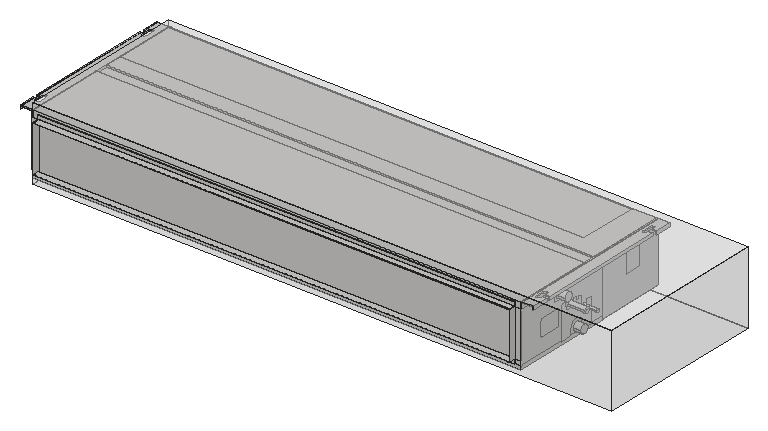
Revit family "outputfile", category 機械設備, Revit 2024
Family settings
  丸型コネクタ寸法 = 半径を使用
  パーツ タイプ = 標準
  OmniClass 番号 = 23.75.10.24.21.27.27
  OmniClass タイトル = Split System Air Conditioning Units
  作業面ベース = いいえ
  常に垂直 = はい
  ロード時にボイドで切り取り = いいえ
  注釈の向きを維持 = いいえ
  共有 = いいえ
  部屋計算ポイント = はい
Parameters (values of type "FPDQ80APV1")
  Description = ""
  書き出し IFC クラス(タイプ) = "IfcUnitaryEquipmentType"
  定義済み IFC タイプ(タイプ) = "AIRCONDITIONINGUNIT"
  Cost = 0
  Type Comments = ""
  Keynote = ""
  Type Image = (empty or 0)
  Assembly Code = ""
  w_RA Duct Size = RA Duct Size Width + 30.0 mm  # 1529.0 mm
  r_HP/LP Gas Pipe Size = 6.35 mm
  lw_HP/LP Gas Pipe Size = 60.0 mm  # constant formula
  lh_HP/LP Gas Pipe Size = -120.0 mm
  ld_HP/LP Gas Pipe Size = 131.0 mm
  製造元 = "Daikin"
  モデル = "FPDQ80APV1"
  w_pipe = 33.0 mm
  r_Liquid Pipe Size = Liquid Pipe Size / 2  # 4.75 mm
  r_Gas Pipe Size = Gas Pipe Size / 2  # 7.95 mm
  r_Drain Pipe Size = Drain Pipe Size / 2  # 13.0 mm
  lw_powersupply = 304.0 mm
  lh_suctionflange [instance] = if(Rear Connection_Return Air, 100.0 mm + [h***], 190.0 mm + [h***])  # 100.0 mm
  ld_suctionflange [instance] = if(Rear Connection_Return Air, 190.0 mm, 100.0 mm)  # 190.0 mm
  ld_powersupply = 60.0 mm
  angle_vertical_RA [instance] = if(Rear Connection_Return Air, 90.00°, 0.00°)  # 90.00°
  angle horizontal_RA [instance] = if(Rear Connection_Return Air, 180.00°, 270.00°)  # 180.00°
  Voltage_comment_50Hz = "220 - 240"
  Voltage_50Hz = 230 V
  URL = ""
  Supply Air Direction [instance] = yes
  Sound Power Level_H speed (dB) = 0
  Rear Connection_Return Air [instance] = not(Bottom Connection_Return Air)  # yes
  RA_length = 190.0 mm  # constant formula
  Phase_50Hz = 1
  Minimum External Static Pressure = 20.00 Pa
  Minimum Circuit Amps_50Hz = 0.7 A
  Maximum Fuse Amps_50Hz = 16.0 A
  Maximum External Static Pressure = 40.00 Pa
  Material_Casing = DAIKIN_GalvanizedSteel_Casing_indoorunit
  lw_liquidpipe = 49.0 mm  # constant formula
  lw_gaspipe = 59.0 mm  # constant formula
  lw_mountinghole_pitch = Width + 40.0 mm  # 1650.0 mm
  lw_mountinghole = 20.0 mm  # constant formula
  lw_drainpipe = 32.0 mm  # constant formula
  lh_powersupply = 21.5 mm
  lh_liquidpipe = 80.0 mm
  lh_gaspipe = 109.0 mm
  lh_mountinghole = Height + [h***]  # 200.0 mm
  lh_drainpipe = 43.0 mm
  lh_antena = 1.0 mm  # constant formula
  ld_liquidpipe = 255.0 mm  # constant formula
  ld_gaspipe = 198.0 mm  # constant formula
  ld_mountinghole_pitch = 500.0 mm  # constant formula
  ld_drainpipe = 405.0 mm  # constant formula
  ld_controlbox = 626.0 mm  # constant formula
  h*** = 0.0 mm  # constant formula
  d_dischargeflange = 22.2 mm  # constant formula
  Width = 1610.0 mm
  Version = "ver.1.0"
  Unit Type = "Compact Ceiling Mounted Duct Type"
  Unit Mass Weight = 37.00 kg
  Unit Designation [instance] = ""
  Uniclass2015Version = "Products v1.30"
  Uniclass2015Title = "Variable refrigerant flow units"
  Uniclass2015Code = "Pr_70_65_03_94"
  Total Cooling Capacity [instance] = 0.000 kW
  Sound Pressure Level_M speed (dBA) = 34
  Sound Pressure Level_L speed (dBA) = 32
  Sound Pressure Level_H speed (dBA) = 36
  Series = "VRV HOME_Fan Coil Unit"
  Sensible Cooling Capacity [instance] = 0.000 kW
  SA Duct Size Width = 1570.0 mm
  SA Duct Size Height = 153.0 mm
  Refrigerant Type = "R410A"
  RA Duct Size Width = 1499.0 mm
  RA Duct Size Height = 170.0 mm
  Power Input (Cooling) = 0.140 kW
  Option Accessory 3 [instance] = ""
  Option Accessory 2 [instance] = ""
  Option Accessory 1 [instance] = ""
  Nominal Cooling Capacity = 9.000 kW
  Minimum Airflow = 960.00 m³/h
  Median Airflow = 1200.00 m³/h
  Maximum Airflow = 1440.00 m³/h
  Load Classification = HVAC
  Liquid Pipe Size = 9.5 mm
  Link_Nested Family [instance] = ""
  IfcVersion = ""
  IfcExportType = "AIRCONDITIONINGUNIT"
  IfcExportAs = "IfcUnitaryEquipmentType"
  Height = 200.0 mm
  Heat Exchanger Type = "Cross Fin Coil"
  Gas Pipe Size = 15.9 mm
  Frequency_50Hz = 50 Hz
  Fan Type = "Sirocco Fan"
  Fan Drive = "Direct Drive"
  FCU Tag No. [instance] = ""
  Drain Pipe Size = 26.0 mm
  Design Supply Airflow [instance] = 0.00 m³/h
  Design Return Airflow [instance] = 0.00 m³/h
  Design External Static Pressure [instance] = 0.00 Pa
  Depth = 560.0 mm
  既定の高さ = 0.0 mm
  Cooling Entering Wet Bulb Temperature [instance] = 0.00 °C
  Cooling Entering Dry Bulb Temperature [instance] = 0.00 °C
  Cooling Ambient Wet Bulb Temperature [instance] = 0.00 °C
  Cooling Ambient Dry Bulb Temperature [instance] = 0.00 °C
  Clearance visibility [instance] = yes
  Clearance Top = 20.0 mm
  Clearance Right = 300.0 mm
  Clearance Rear = 0.0 mm
  Clearance Left = 0.0 mm
  Clearance Front = 0.0 mm
  Clearance Bottom = 20.0 mm
  Bottom Connection_Return Air [instance] = no
Reference planes
  plane 1 "Center (Front/Back)": y = 0
  plane 2: z = 0
  plane 3 "Center (Left/Right)": x = 0
  plane 4 "Back": y = 280
  plane 5 "Front": y = -280
  plane 6 "Left": x = -805
  plane 7 "Right": x = 805
  plane 8 "Top": z = 0
  plane 9 "Bottom": z = -200
  plane 10: x = 330
  plane 11: x = -330
  plane 12: z = -178.5
  plane 13: z = -6
  plane 14: z = -22
  plane 15: z = -120
  plane 16: z = -91
  plane 17: x = -304
  plane 18: x = 304
  plane 19: x = -825
  plane 20: x = 825
  plane 21: y = -280
  plane 22: y = 220
  plane 23: x = -845
  plane 24: x = 390
  plane 25: x = 854
  plane 26: x = 864
  plane 27: x = 837
  plane 28: z = 0
  plane 29: z = -157
  plane 30 "Clearance Left": x = -805
  plane 31 "Clearance Right": x = 1105
  plane 32 "Clearance Rear": y = 280
  plane 33 "Clearance Front": y = -280
  plane 34 "Clearance Top": z = 20
  plane 35 "Clearance Bottom": z = -220
  plane 36: z = -21
  plane 37: z = -43
  plane 38: z = -96.5
  plane 39: x = -40.5
  plane 40: y = -82
  plane 41: y = -25
  plane 42: y = -30
  plane 43: y = -125
  plane 44: z = -97.5
  plane 45: y = -279
  plane 46: x = -804
  plane 47: z = -88.5
  plane 48: z = -30
  plane 49: y = 210
  plane 50: z = 301
  plane 51: z = -199
  plane 52: y = 90
  plane 53: z = -101
  plane 54: x = 835
  plane 55: z = 11
  plane 56: z = 102.5
  plane 57: y = -149
  plane 58: y = -220
Forms (mm)
  Extrusion 1, solid, material "DAIKIN_GalvanizedSteel_Casing_indoorunit" <- "Material_Casing"
    sketch origin (0, 0, 0) x (1, 0, 0) y (0, 1, 0)
      loop
        line (-805, -280) -> (805, -280) -> (805, 280) -> (-805, 280) -> (-805, -280)
    from -200 to 0
  Extrusion 2, void
    sketch origin (0, 0, 1) x (1, 0, 0) y (0, 1, 0)
      loop
        line (-805, -19) -> (805, -19) -> (805, 24) -> (-805, 24) -> (-805, -19)
    from -1 to -7
  Revolve 3, solid, material "DAIKIN_GalvanizedSteel_Casing_indoorunit" <- "Material_Casing"
    sketch origin (0, 0, -91) x (0, -1, 0) y (1, 0, 0)
      loop
        line (74.05, 805) -> (82, 805) -> (82, 864) -> (74.05, 864) -> (74.05, 805)
      axis (82, 805) -> (82, 864)
    angle from 0 to 360
  Revolve 4, solid, material "DAIKIN_GalvanizedSteel_Casing_indoorunit" <- "Material_Casing"
    sketch origin (0, 0, -120) x (0, -1, 0) y (1, 0, 0)
      loop
        line (25, 805) -> (25, 854) -> (20.25, 854) -> (20.25, 805) -> (25, 805)
      axis (25, 854) -> (25, 805)
    angle from 0 to 360
  Extrusion 5, solid, material "DAIKIN_GalvanizedSteel_Casing_indoorunit" <- "Material_Casing"
    sketch origin (805, 0, 0) x (0, 1, 0) y (0, 0, 1)
      loop
        circle (-125, -43) r 13
    from 0 to 32 <- "lw_drainpipe"
  Extrusion 6, solid, material "DAIKIN_GalvanizedSteel_Casing_indoorunit" <- "Material_Casing"
    sketch origin (0, 0, 0) x (1, 0, 0) y (0, 0, 1)
      loop
        line (-805, -190) -> (-805, -200) -> (805, -200) -> (805, -190) -> (-805, -190)
    from -55 to 280
  Extrusion 7, solid, material "DAIKIN_GalvanizedSteel_Casing_indoorunit" <- "Material_Casing", visible <- "Bottom Connection_Return Air"
    sketch origin (0, 280, 0) x (-1, 0, 0) y (0, 0, 1)
      loop
        line (-723, -200) -> (804, -200) -> (804, -1) -> (-723, -1) -> (-723, -200)
    from -1 to 0
  Extrusion 8, void
    sketch origin (0, 280, 0) x (-1, 0, 0) y (0, 0, 1)
      loop
        line (-723, 0) -> (-723, -1) -> (804, -1) -> (804, 0) -> (-723, 0)
    from 0 to -200
  Extrusion 9, solid, material "DAIKIN_GalvanizedSteel_Casing_indoorunit" <- "Material_Casing", visible <- "Rear Connection_Return Air"
    sketch origin (0, 0, 0) x (1, 0, 0) y (0, 1, 0)
      loop
        line (-804, 280) -> (-804, 80) -> (723, 80) -> (723, 280) -> (-804, 280)
    from -200 to -199
  Extrusion 10, solid, material "DAIKIN_GalvanizedSteel_Casing_indoorunit" <- "Material_Casing"
    sketch origin (805, 0, 0) x (0, 1, 0) y (0, 0, 1)
      loop
        line (280, -21.933) -> (55, -21.933) -> (55, -197.5) -> (280, -197.5) -> (280, -21.933)
    from 1 to 0
  Extrusion 11, void
    sketch origin (805, 0, 0) x (0, 1, 0) y (0, 0, 1)
      loop
        arc (-108.988, -64) -> (-105.461, -62.539) -> (-104, -59.012) r 4.988
        line (-104, -59.012) -> (-104, -26.988)
        arc (-104, -26.988) -> (-105.461, -23.461) -> (-108.988, -22) r 4.988
        line (-108.988, -22) -> (-141.012, -22)
        arc (-141.012, -22) -> (-144.539, -23.461) -> (-146, -26.988) r 4.988
        line (-146, -26.988) -> (-146, -59.012)
        arc (-146, -59.012) -> (-144.539, -62.539) -> (-141.012, -64) r 4.988
        line (-141.012, -64) -> (-108.988, -64)
    from 0 to -1
  Extrusion 12, solid, material "DAIKIN_GalvanizedSteel_Casing_indoorunit" <- "Material_Casing"
    sketch origin (805, 0, 0) x (0, 1, 0) y (0, 0, 1)
      loop
        circle (-55, -170) r 13
    from 28 to 0
  Extrusion 13, solid, material "DAIKIN_GalvanizedSteel_Casing_indoorunit" <- "Material_Casing"
    sketch origin (805, 0, 0) x (0, 1, 0) y (0, 0, 1)
      loop
        line (-199.354, -90) -> (-199.354, -136)
        arc (-199.354, -136) -> (-198.475, -138.121) -> (-196.354, -139) r 3
        line (-196.354, -139) -> (-132.354, -139)
        arc (-132.354, -139) -> (-130.233, -138.121) -> (-129.354, -136) r 3
        line (-129.354, -136) -> (-129.354, -90)
        arc (-129.354, -90) -> (-130.233, -87.879) -> (-132.354, -87) r 3
        line (-132.354, -87) -> (-196.354, -87)
        arc (-196.354, -87) -> (-198.475, -87.879) -> (-199.354, -90) r 3
      loop
        line (152, -37) -> (152, -107) -> (204, -107) -> (204, -37) -> (152, -37)
      loop
        line (-37.5, -120) -> (-37.5, -90)
        arc (-37.5, -90) -> (-38.086, -88.586) -> (-39.5, -88) r 2
        line (-39.5, -88) -> (-41.5, -88)
        arc (-41.5, -88) -> (-42.914, -88.586) -> (-43.5, -90) r 2
        line (-43.5, -90) -> (-43.5, -94) -> (-55.5, -94) -> (-55.5, -86)
        arc (-55.5, -86) -> (-56.086, -84.586) -> (-57.5, -84) r 2
        line (-57.5, -84) -> (-62, -84)
        arc (-62, -84) -> (-63.414, -84.586) -> (-64, -86) r 2
        line (-64, -86) -> (-64, -91)
        arc (-64, -91) -> (-82, -109) -> (-100, -91) r 18
        line (-100, -91) -> (-100, -83)
        arc (-100, -83) -> (-100.586, -81.586) -> (-102, -81) r 2
        line (-102, -81) -> (-112.5, -81)
        arc (-112.5, -81) -> (-113.914, -81.586) -> (-114.5, -83) r 2
        line (-114.5, -83) -> (-114.5, -190) -> (-79.5, -190) -> (-79.5, -170)
        arc (-79.5, -170) -> (-55, -145.5) -> (-30.5, -170) r 24.5
        line (-30.5, -170) -> (-30.5, -190) -> (5.5, -190) -> (5.5, -112)
        arc (5.5, -112) -> (4.914, -110.586) -> (3.5, -110) r 2
        line (3.5, -110) -> (-9.5, -110)
        arc (-9.5, -110) -> (-10.914, -110.586) -> (-11.5, -112) r 2
        line (-11.5, -112) -> (-11.5, -120)
        arc (-11.5, -120) -> (-24.5, -133) -> (-37.5, -120) r 13
    from 0 to 1
  Extrusion 14, solid, material "DAIKIN_GalvanizedSteel_Casing_indoorunit" <- "Material_Casing"
    sketch origin (-805, 0, 0) x (0, 1, 0) y (0, 0, 1)
      loop
        circle (160, -102) r 21
    from 0 to -7
  Extrusion 15, solid, material "DAIKIN_GalvanizedSteel_Casing_indoorunit" <- "Material_Casing"
    sketch origin (-805, 0, 0) x (0, 1, 0) y (0, 0, 1)
      loop
        circle (160, -102) r 17.5
    from 0 to -8.5
  Extrusion 16, solid, material "DAIKIN_GalvanizedSteel_Casing_indoorunit" <- "Material_Casing"
    sketch origin (-805, 0, 0) x (0, 1, 0) y (0, 0, 1)
      loop
        circle (160, -102) r 7
    from 0 to -20.5
Cuts and joins
  Extrusion 2, Extrusion 8, Extrusion 11 cuts Extrusion 1
  Extrusion 8 cuts Extrusion 6
  joined: Extrusion 14, Extrusion 15, Extrusion 16
Dimensions and locks
  "lh_powersupply": plane 12 to plane 9 "Bottom"
  locked: plane 8 "Top" to plane 13 at 6
  "Height": plane 8 "Top" to plane 9 "Bottom"
  equal spacing: plane 17, plane 3 "Center (Left/Right)", plane 18, locked at 304 each
  plane 17 to plane 18 = 608.0 mm
  equal spacing: plane 19, plane 3 "Center (Left/Right)", plane 20
  "lw_mountinghole_pitch": plane 19 to plane 20
  locked: plane 14 to plane 9 "Bottom" at 178
  "lw_mountinghole": plane 23 to plane 19
  "lh_liquidpipe": plane 15 to plane 9 "Bottom"
  "lh_gaspipe": plane 16 to plane 9 "Bottom"
  "lh_mountinghole": plane 28 to plane 9 "Bottom"
  "ld_mountinghole_pitch": plane 22 to plane 21
  equal spacing: plane 6 "Left", plane 3 "Center (Left/Right)", plane 7 "Right"
  "Width": plane 6 "Left" to plane 7 "Right"
  "lh_drainpipe": plane 29 to plane 9 "Bottom"
  "Clearance Right": plane 7 "Right" to plane 31 "Clearance Right"
  "Clearance Left": plane 30 "Clearance Left" to plane 6 "Left"
  "lw_gaspipe": plane 7 "Right" to plane 26
  "lw_liquidpipe": plane 7 "Right" to plane 25
  "lw_drainpipe": plane 7 "Right" to plane 27
  "Clearance Rear": plane 32 "Clearance Rear" to plane 4 "Back"
  "Clearance Front": plane 5 "Front" to plane 33 "Clearance Front"
  "Clearance Top": plane 34 "Clearance Top" to plane 8 "Top"
  "Clearance Bottom": plane 9 "Bottom" to plane 35 "Clearance Bottom"
  "lw_powersupply": plane 3 "Center (Left/Right)" to plane 18
  locked: plane 8 "Top" to plane 36 at 21
  "lh_drainpipe": plane 8 "Top" to plane 37
  locked: plane 38 to plane 9 "Bottom" at 103.5
  locked: plane 36 to plane 44 at 76.5
  "Depth": plane 4 "Back" to plane 5 "Front"
  equal spacing: plane 4 "Back", plane 1 "Center (Front/Back)", plane 5 "Front"
  locked: plane 45 to plane 5 "Front" at 1
  locked: plane 46 to plane 6 "Left" at 1
  Extrusion 7 sketch curve to Extrusion 7 sketch curve = 199.0 mm
  nested 12 to plane 39 = 749.5 mm
  locked: plane 12 to plane 47 at 90
  plane 32 "Clearance Rear" to Extrusion 7 = 0.0 mm
  locked: plane 48 to plane 35 "Clearance Bottom" at 190
  plane 50 to plane 28 = 301.0 mm
  locked: plane 51 to plane 9 "Bottom" at 1
  "ld_suctionflange": plane 4 "Back" to plane 52
  locked: plane 53 to plane 9 "Bottom" at 99
  locked: plane 54 to plane 7 "Right" at 30
  "r_Gas Pipe Size": Revolve 3 sketch curve to Revolve 3 sketch curve
  "ld_gaspipe": plane 40 to plane 5 "Front"
  "r_Liquid Pipe Size": Revolve 4 sketch curve to plane 41
  "ld_liquidpipe": plane 41 to plane 5 "Front"
  "ld_drainpipe": plane 4 "Back" to plane 43
  "ld_HP/LP Gas Pipe Size": plane 57 to plane 5 "Front"
  plane 8 "Top" to plane 15 = 120.0 mm
  locked: nested 11 to plane 7 "Right" at 61.7
  locked: plane 4 "Back" to nested 11 at 49.2
  locked: plane 7 "Right" to Extrusion 8 sketch curve at 82
  locked: plane 7 "Right" to Extrusion 7 sketch curve at 82
  locked: plane 4 "Back" to plane 22 at 60
  locked: plane 58 to plane 5 "Front" at 60
  locked: plane 4 "Back" to nested 13 at 1
  locked: plane 4 "Back" to Extrusion 2 sketch curve at 256
  locked: Extrusion 2 sketch curve to Extrusion 2 sketch curve at 43
  "lw_gaspipe": plane 7 "Right" to Revolve 3 sketch curve
  "lw_liquidpipe": plane 7 "Right" to Revolve 4 sketch curve
  plane 4 "Back" to Extrusion 14 sketch curve = 120.0 mm
  plane 8 "Top" to Extrusion 14 sketch curve = 102.0 mm
  locked: plane 4 "Back" to Extrusion 15 sketch curve at 120
  locked: plane 8 "Top" to Extrusion 15 sketch curve at 102
  plane 4 "Back" to Extrusion 16 sketch curve = 120.0 mm
  plane 8 "Top" to Extrusion 16 sketch curve = 102.0 mm
  plane 8 "Top" to Extrusion 11 sketch curve = 22.0 mm
  locked: Extrusion 10 sketch curve to Extrusion 10 sketch curve at 175.567
  plane 8 "Top" to Extrusion 13 sketch curve to Extrusion 13 sketch curve = 37.0 mm locked, 70.0 mm locked
  Extrusion 13 sketch curve to Extrusion 13 sketch curve to plane 4 "Back" = 52.0 mm locked, 76.0 mm locked
  locked: Extrusion 10 sketch curve to plane 4 "Back" at 225
  "ld_gaspipe": Revolve 3 sketch curve to plane 5 "Front"
  "r_Drain Pipe Size": radius of Extrusion 5 sketch curve
  aligned and locked: level to plane 2
  aligned and locked: Extrusion 1 to plane 9 "Bottom"
  aligned and locked: plane 8 "Top" to Extrusion 1
  aligned and locked: Revolve 3 sketch curve to Revolve 3 sketch curve
  aligned and locked: plane 25 to nested 6
  aligned and locked: nested 6 to plane 15
  aligned and locked: plane 22 to nested 2
  aligned and locked: plane 20 to nested 2
  aligned and locked: plane 20 to nested 3
  aligned and locked: plane 19 to nested 4
  aligned and locked: nested 5 to plane 22
  aligned and locked: plane 19 to nested 5
  aligned and locked: plane 8 "Top" to nested 1
  aligned and locked: Extrusion 6 to plane 5 "Front"
  aligned and locked: Extrusion 6 to plane 9 "Bottom"
  aligned and locked: nested 7 to plane 16
  aligned and locked: plane 4 "Back" to nested 1
  aligned and locked: plane 40 to nested 7
  aligned and locked: plane 41 to nested 6
  aligned and locked: nested 12 to plane 46
  aligned and locked: plane 4 "Back" to Extrusion 8
  aligned and locked: plane 8 "Top" to Extrusion 2
  aligned and locked: Extrusion 7 to cut or joined group of Extrusion 1, Extrusion 2, Extrusion 8, Extrusion 11
  aligned and locked: plane 9 "Bottom" to Extrusion 9  (x2)
  aligned and locked: Extrusion 9 to plane 51
  aligned and locked: plane 4 "Back" to nested 12
  aligned and locked: Extrusion 8 to level
  aligned and locked: plane 32 "Clearance Rear" to nested 14
  aligned and locked: plane 31 "Clearance Right" to nested 14
  aligned and locked: plane 30 "Clearance Left" to nested 14
  aligned and locked: nested 14 to plane 33 "Clearance Front"
  aligned and locked: nested 14 to plane 34 "Clearance Top"
  aligned and locked: nested 14 to plane 35 "Clearance Bottom"
  aligned and locked: plane 7 "Right" to Extrusion 10
  aligned and locked: Extrusion 2 to plane 13
  aligned and locked: nested 8 to plane 37
  aligned and locked: nested 10 to plane 1 "Center (Front/Back)"
  aligned and locked: plane 46 to Extrusion 7
  aligned and locked: nested 12 to plane 51
  aligned and locked: plane 3 "Center (Left/Right)" to nested 10
  aligned and locked: nested 16 to plane 13
  aligned and locked: plane 44 to nested 9
  aligned and locked: level to plane 8 "Top"
  aligned and locked: plane 3 "Center (Left/Right)" to nested 1
  aligned and locked: Extrusion 1 sketch curve to plane 5 "Front"
  aligned and locked: plane 3 "Center (Left/Right)" to nested 16
  aligned and locked: plane 5 "Front" to nested 16
  aligned and locked: nested 9 to plane 5 "Front"
  aligned and locked: plane 41 to Revolve 4 sketch curve  (x2)
  aligned and locked: plane 7 "Right" to nested 7
  aligned and locked: Extrusion 9 sketch curve to cut or joined group of Extrusion 1, Extrusion 2, Extrusion 8, Extrusion 11
  aligned and locked: plane 46 to nested 13
  aligned and locked: plane 7 "Right" to nested 8
  aligned and locked: plane 43 to nested 8
  aligned and locked: cut or joined group of Extrusion 1, Extrusion 2, Extrusion 8, Extrusion 11 to Extrusion 9 sketch curve
  aligned and locked: nested 4 to plane 58
  aligned and locked: plane 58 to nested 3
  aligned and locked: plane 39 to nested 15
  aligned and locked: nested 15 to plane 52
  aligned and locked: plane 7 "Right" to Revolve 3 sketch curve
  aligned and locked: plane 7 "Right" to Revolve 4 sketch curve
  aligned and locked: Extrusion 6 sketch curve to plane 9 "Bottom"
  aligned and locked: Extrusion 5 sketch curve to plane 43
  aligned and locked: plane 4 "Back" to Extrusion 10 sketch curve
Automatic sketch dimensions
  Extrusion 1 sketch curve to plane 4 "Back" = 0.0 mm
  Extrusion 1 sketch curve to plane 6 "Left" = 0.0 mm
  Extrusion 1 sketch curve to plane 7 "Right" = 0.0 mm
  Extrusion 2 sketch curve to plane 6 "Left" = 0.0 mm
  Extrusion 2 sketch curve to plane 7 "Right" = 0.0 mm
  Revolve 3 sketch curve to plane 39 = 57.997 mm
  plane 25 to Revolve 3 sketch curve = 1.003 mm
  Revolve 4 sketch curve to plane 25 = 0.0 mm
  Revolve 4 sketch curve to Revolve 4 sketch curve = 1.0 mm
  Extrusion 6 sketch curve to plane 6 "Left" = 0.0 mm
  Extrusion 6 sketch curve to plane 7 "Right" = 0.0 mm
  Extrusion 9 sketch curve to plane 46 = 0.0 mm
  Extrusion 9 sketch curve to plane 4 "Back" = 0.0 mm
  plane 1 "Center (Front/Back)" to Extrusion 11 sketch curve = 146.0 mm
  plane 1 "Center (Front/Back)" to Extrusion 11 sketch curve = 141.012 mm
  Extrusion 11 sketch curve to Extrusion 11 sketch curve = 4.988 mm  (x2)
  plane 43 to Extrusion 11 sketch curve = 16.012 mm  (x2)
  plane 16 to Extrusion 11 sketch curve = 31.988 mm
  plane 43 to Extrusion 12 sketch curve = 70.0 mm
  plane 12 to Extrusion 12 sketch curve = 8.5 mm
  Extrusion 5 sketch curve to plane 37 = 0.0 mm
  Extrusion 7 sketch curve to plane 9 "Bottom" = 0.0 mm
  Extrusion 7 sketch curve to plane 46 = 0.0 mm
  Extrusion 8 sketch curve to level = 0.0 mm
  Extrusion 8 sketch curve to plane 46 = 0.0 mm
  Extrusion 8 sketch curve to level = 1.0 mm
  Extrusion 13 sketch curve to plane 47 = 1.5 mm  (x2)
  plane 58 to Extrusion 13 sketch curve = 20.646 mm
  Extrusion 13 sketch curve to Extrusion 13 sketch curve = 3.0 mm  (x2)
  plane 57 to Extrusion 13 sketch curve = 16.646 mm  (x2)
  plane 29 to Extrusion 13 sketch curve = 21.0 mm
  Extrusion 13 sketch curve to plane 16 = 0.0 mm
  Extrusion 13 sketch curve to plane 40 = 0.0 mm
  plane 43 to Extrusion 13 sketch curve = 10.5 mm
  Extrusion 13 sketch curve to Extrusion 13 sketch curve = 2.0 mm  (x8)
  Extrusion 13 sketch curve to Extrusion 13 sketch curve = 10.5 mm
  Extrusion 13 sketch curve to Extrusion 13 sketch curve = 4.5 mm
  plane 38 to Extrusion 13 sketch curve = 2.5 mm
  plane 47 to Extrusion 13 sketch curve = 0.5 mm
  plane 16 to Extrusion 13 sketch curve = 1.0 mm
  plane 47 to Extrusion 13 sketch curve = 2.5 mm
  plane 47 to Extrusion 13 sketch curve = 5.5 mm
  plane 15 to Extrusion 13 sketch curve = 0.0 mm
  plane 41 to Extrusion 13 sketch curve = 0.5 mm
  Extrusion 13 sketch curve to plane 1 "Center (Front/Back)" = 3.5 mm
  plane 15 to Extrusion 13 sketch curve = 8.0 mm
  Extrusion 13 sketch curve to plane 42 = 7.5 mm
  plane 40 to Extrusion 13 sketch curve = 2.5 mm
  plane 12 to Extrusion 13 sketch curve = 8.5 mm
  Extrusion 13 sketch curve to Extrusion 13 sketch curve = 24.5 mm
  plane 51 to Extrusion 13 sketch curve = 9.0 mm  (x2)
  plane 51 to Extrusion 6 sketch curve = 9.0 mm
  plane 14 to Extrusion 10 sketch curve = 0.067 mm
  radius of Extrusion 12 sketch curve = 13.0 mm
  radius of Extrusion 14 sketch curve = 21.0 mm
  radius of Extrusion 15 sketch curve = 17.5 mm
  radius of Extrusion 16 sketch curve = 7.0 mm
Nested families
  nested 1: "daikin_hangerfixture_FPDQ-APV1" at (0, 0, 0), type "daikin_hangerfixture_FPDQ-APV1"
  nested 2: "daikin_mountinghole" at (825, 220, -200), l_antenna <- "lh_antena", Link_Nested Family <- "Link_Nested Family", h_mountinghole <- "lh_mountinghole", type "daikin_mountinghole"
    with show yes, l_antenna 1.0 mm, h_mountinghole 200.0 mm, Link_Nested Family ""
  nested 3: "daikin_mountinghole" at (825, -220, -200), Link_Nested Family <- "Link_Nested Family", l_antenna <- "lh_antena", h_mountinghole <- "lh_mountinghole", type "daikin_mountinghole"
    with show yes, l_antenna 1.0 mm, h_mountinghole 200.0 mm, Link_Nested Family ""
  nested 4: "daikin_mountinghole" at (-825, -220, -200), l_antenna <- "lh_antena", Link_Nested Family <- "Link_Nested Family", h_mountinghole <- "lh_mountinghole", type "daikin_mountinghole"
    with show yes, l_antenna 1.0 mm, h_mountinghole 200.0 mm, Link_Nested Family ""
  nested 5: "daikin_mountinghole" at (-825, 220, -200), l_antenna <- "lh_antena", Link_Nested Family <- "Link_Nested Family", h_mountinghole <- "lh_mountinghole", type "daikin_mountinghole"
    with show yes, l_antenna 1.0 mm, h_mountinghole 200.0 mm, Link_Nested Family ""
  nested 6: "daikin_connector_rotate2" at (805, -25, -120) x (0, 1, 0) z (0, 0, 1), length <- "lw_liquidpipe", built-in parameter 1001364 <- "lh_liquidpipe", radius <- "r_Liquid Pipe Size", type "daikin_connector_rotate2"
    with radius 4.75 mm, length 49.0 mm, angle_vertical 90.00°
  nested 7: "daikin_connector_rotate2" at (805, -82, -91) x (0, 1, 0) z (0, 0, 1), length <- "lw_gaspipe", built-in parameter 1001364 <- "lh_gaspipe", radius <- "r_Gas Pipe Size", type "daikin_connector_rotate2"
    with radius 7.95 mm, length 59.0 mm, angle_vertical 90.00°
  nested 8: "daikin_connector_rotate2" at (805, -125, -43) x (0, 1, 0) z (0, 0, 1), built-in parameter 1001364 <- "lh_drainpipe", radius <- "r_Drain Pipe Size", length <- "lw_drainpipe", type "daikin_connector_rotate2"
    with radius 13.0 mm, length 32.0 mm, angle_vertical 90.00°
  nested 9: "daikin_connector_rotate2" at (0, -280, -97.5), length <- "d_dischargeflange", type "daikin_connector_rotate2"
    with radius 10.0 mm, length 22.2 mm, angle_vertical 90.00°
  nested 10: "daikin_△_symbolicline" at (-75, -129.904, 200) x (-0.5, 0.866, 0) z (0, 0, 1), built-in parameter 1001364 <- "Height", visible <- "Supply Air Direction", type "daikin_△_symbolicline"
    with length 300.0 mm
  nested 11: "daikin_connector_rotate2" at (743.3, 230.8, -178.5) x (-1, 0, 0) z (0, 0, 1), type "daikin_connector_rotate2"
    with radius 10.0 mm, length 49.2 mm, angle_vertical 90.00°
  nested 12: "daikin_ductflange_FPDQ-APV1_2" at (-40.5, 280, -100), material <- "Material_Casing", visible <- "Rear Connection_Return Air", width <- "w_RA Duct Size", height <- "RA Duct Size Height", type "daikin_ductflange_FPDQ-APV1_2"
    with width 1529.0 mm, material DAIKIN_GalvanizedSteel_Casing_indoorunit, height 170.0 mm, depth 21.2 mm
  nested 13: "daikin_ductflange_FPDQ-APV1_2" at (-40.5, 180, -200) x (1, 0, 0) z (0, 1, 0), material <- "Material_Casing", visible <- "Bottom Connection_Return Air", width <- "w_RA Duct Size", height <- "RA Duct Size Height", type "daikin_ductflange_FPDQ-APV1_2"
    with width 1529.0 mm, material DAIKIN_GalvanizedSteel_Casing_indoorunit, height 170.0 mm, depth 21.2 mm
  nested 14: "daikin_clearancespace" at (150, 0, -99.881), visible <- "Clearance visibility", show <- "Clearance visibility", Link_Nested Family <- "Link_Nested Family", type "daikin_clearancespace"
    with width 1910.0 mm, show yes, height 240.0 mm, depth 560.0 mm, Link_Nested Family ""
  nested 15: "daikin_connector_rotate3" at (-40.5, 90, -100), built-in parameter 1001364 <- "lh_suctionflange", angle_vertical <- "angle_vertical_RA", angle_horizontal <- "angle horizontal_RA", length <- "RA_length", type "daikin_connector_rotate3"
    with show no, radius 10.0 mm, length 190.0 mm, angle_vertical 90.00°, angle_horizontal 180.00°
  nested 16: "daikin_ductflange_FPDQ-APV1_1" at (0, 33.5, -364.201), width <- "SA Duct Size Width", type "daikin_ductflange_FPDQ-APV1_1"
    with width 1570.0 mm, material DAIKIN_GalvanizedSteel_Casing_indoorunit, height 155.0 mm, depth 22.2 mm
Connectors
  piping at (864, -82, -91), diameter 15.9, driven by "r_Gas Pipe Size"
    settings: on nested 7, index 1, connector inside diameter 609.6 mm, connector length 0.0 mm, flow factor 0, pipe flow 0.00 m³/h, pressure drop 0.0 Pa, fitting loss kfactor 0, connector angle 0.00°, fixture units 0, engagement length 0.0 mm, angle of deflection 0.00°, flow configuration 1, flow direction 2, fitting loss method 0, system type 29, joint type 0, gender type 0, connector reference index -1, connector utility 0, adjustable connector no, is connector primary yes, connector description "Refrigerant Gas Piping"
  piping at (854, -25, -120), diameter 9.5, driven by "r_Liquid Pipe Size"
    settings: on nested 6, index 2, connector inside diameter 609.6 mm, connector length 0.0 mm, flow factor 0, pipe flow 0.00 m³/h, pressure drop 0.0 Pa, fitting loss kfactor 0, connector angle 0.00°, fixture units 0, engagement length 0.0 mm, angle of deflection 0.00°, flow configuration 1, flow direction 1, fitting loss method 0, system type 29, joint type 0, gender type 0, connector reference index -1, connector utility 0, adjustable connector no, is connector primary no, connector description "Refrigerant Liquid Piping"
  piping at (837, -125, -43), diameter 26, driven by "r_Drain Pipe Size"
    settings: on nested 8, index 3, connector inside diameter 609.6 mm, connector length 0.0 mm, flow factor 0, pipe flow 0.00 m³/h, pressure drop 0.0 Pa, fitting loss kfactor 0, connector angle 0.00°, fixture units 0, engagement length 0.0 mm, angle of deflection 0.00°, flow configuration 1, flow direction 2, fitting loss method 4, system type 16, joint type 0, gender type 0, connector reference index -1, connector utility 0, adjustable connector no, is connector primary no, connector description "Condensate Drain Piping"
  electrical at (743.3, 280, -178.5), driven by "Load Classification"
    settings: on nested 11, index 9, voltage 0 V, apparent load 0 VA, apparent load phase1 0 VA, apparent load phase2 0 VA, apparent load phase3 0 VA, power factor 1, load classification "HVAC", number of poles 1, system type 30, power factor state 1, is connector primary yes, connector utility no, sub classification motor no, connector description "Power Supply"
  hvac at (0, -302.2, -97.5), driven by "SA Duct Size Height", driven by "SA Duct Size Width"
    settings: on nested 9, index 11, duct flow 0.00 m³/h, flow factor 0, pres drop 0.00 Pa, loss coef 0, conn angle 0.00°, conn width 1570.0 mm, conn height 153.0 mm, conn diameter 609.6 mm, duct sys type 1, conn prof type 1, flow config 0, flow direction 2, loss method 4, conn ref index -1, conn util no, is conn primary yes, conn desc "SA Duct"
  hvac at (-40.5, 280, -100), driven by "RA Duct Size Height", driven by "RA Duct Size Width"
    settings: on nested 15, index 12, duct flow 0.00 m³/h, flow factor 0, pres drop 0.00 Pa, loss coef 0, conn angle 0.00°, conn width 1499.0 mm, conn height 170.0 mm, conn diameter 609.6 mm, duct sys type 2, conn prof type 1, flow config 0, flow direction 1, loss method 4, conn ref index -1, conn util no, is conn primary no, conn desc "RA Duct"
  piping at (864, -82, -91), diameter 15.9, driven by "r_Gas Pipe Size"
    settings: on nested 7, index 13, connector inside diameter 609.6 mm, connector length 0.0 mm, flow factor 0, pipe flow 0.00 m³/h, pressure drop 0.0 Pa, fitting loss kfactor 0, connector angle 0.00°, fixture units 0, engagement length 0.0 mm, angle of deflection 0.00°, flow configuration 1, flow direction 2, fitting loss method 0, system type 29, joint type 0, gender type 0, connector reference index -1, connector utility 0, adjustable connector no, is connector primary no, connector description "Refrigerant Gas Piping"
Definition of nested family "daikin_hangerfixture_FPDQ-APV1"
  Parameters (values of type "daikin_hangerfixture_FPDQ-APV1")
    width = 1610.0 mm
    material = none
    height = 65.0 mm
    depth = 560.0 mm
    Default Elevation = 0.0 mm
  Reference planes
    plane 1 "Center (Front/Back)": y = 0
    plane 2: z = 0
    plane 3 "Center (Left/Right)": x = 0
    plane 4: x = 805
    plane 5: y = 280
    plane 6: y = -280
    plane 7: x = -805
  Forms (mm)
    Extrusion 1, void
      sketch origin (0, 0, 0) x (0, 1, 0) y (0, 0, 1)
        loop
          line (280, -30) -> (280, -17.979) -> (52.935, -17.979) -> (40.914, -30) -> (280, -30)
      from 0 to 850
    Extrusion 2, void
      sketch origin (0, 0, 0) x (1, 0, 0) y (0, 1, 0)
        loop
          line (845, -213.5) -> (832, -213.5) -> (832, -207)
          arc (832, -207) -> (825, -200) -> (818, -207) r 7
          line (818, -207) -> (818, -233)
          arc (818, -233) -> (825, -240) -> (832, -233) r 7
          line (832, -233) -> (832, -226.5) -> (845, -226.5) -> (845, -213.5)
        loop
          line (845, 213.5) -> (845, 226.5) -> (832, 226.5) -> (832, 233)
          arc (832, 233) -> (825, 240) -> (818, 233) r 7
          line (818, 233) -> (818, 207)
          arc (818, 207) -> (825, 200) -> (832, 207) r 7
          line (832, 207) -> (832, 213.5) -> (845, 213.5)
      from -254.96 to 618
    Extrusion 3, solid, material <- "material"
      sketch origin (0, 0, 0) x (-1, 0, 0) y (0, 0, -1)
        loop
          line (805, 0) -> (845, 0) -> (845, 10) -> (842.7, 10) -> (842.7, 2.3) -> (807.3, 2.3) -> (807.3, 20) -> (805, 20) -> (805, 0)
      from -280 to 280
    Extrusion 4, void
      sketch origin (0, 0, 0) x (-1, 0, 0) y (0, -1, 0)
        loop
          line (845, 213.5) -> (845, 226.5) -> (832, 226.5) -> (832, 233)
          arc (832, 233) -> (825, 240) -> (818, 233) r 7
          line (818, 233) -> (818, 207)
          arc (818, 207) -> (825, 200) -> (832, 207) r 7
          line (832, 207) -> (832, 213.5) -> (845, 213.5)
        loop
          line (845, -213.5) -> (832, -213.5) -> (832, -207)
          arc (832, -207) -> (825, -200) -> (818, -207) r 7
          line (818, -207) -> (818, -233)
          arc (818, -233) -> (825, -240) -> (832, -233) r 7
          line (832, -233) -> (832, -226.5) -> (845, -226.5) -> (845, -213.5)
      from -254.96 to 618
    Extrusion 5, solid, material <- "material"
      sketch origin (0, 0, 0) x (1, 0, 0) y (0, 0, 1)
        loop
          line (805, 0) -> (805, -20) -> (807.3, -20) -> (807.3, -2.3) -> (842.7, -2.3) -> (842.7, -10) -> (845, -10) -> (845, 0) -> (805, 0)
      from -280 to 280
  Cuts and joins
    Extrusion 4 cuts Extrusion 3
    Extrusion 1, Extrusion 2 cuts Extrusion 5
  Dimensions and locks
    equal spacing: plane 5, plane 1 "Center (Front/Back)", plane 6
    "depth": plane 5 to plane 6
    plane 6 to plane 1 "Center (Front/Back)" to plane 5 = 280.0 mm, 280.0 mm
    equal spacing: plane 7, plane 3 "Center (Left/Right)", plane 4
    "width": plane 7 to plane 4
    locked: Extrusion 4 sketch curve to plane 7 at 13
    plane 7 to Extrusion 3 sketch curve = 40.0 mm
    aligned and locked: level to plane 2
    aligned and locked: plane 5 to cut or joined group of Extrusion 3, Extrusion 4
    aligned and locked: cut or joined group of Extrusion 3, Extrusion 4 to plane 6
    aligned and locked: Extrusion 3 sketch curve to plane 7
    aligned and locked: plane 2 to Extrusion 3 sketch curve
  Automatic sketch dimensions
    Extrusion 1 sketch curve to plane 5 = 0.0 mm
    Extrusion 1 sketch curve to level = 17.979 mm
    Extrusion 1 sketch curve to plane 1 "Center (Front/Back)" = 52.935 mm
    Extrusion 1 sketch curve to Extrusion 1 sketch curve = 12.021 mm  (x2)
    plane 4 to Extrusion 2 sketch curve = 13.0 mm  (x2)
    Extrusion 2 sketch curve to Extrusion 2 sketch curve = 7.0 mm  (x4)
    Extrusion 2 sketch curve to Extrusion 2 sketch curve = 13.0 mm  (x4)
    plane 6 to Extrusion 2 sketch curve = 47.0 mm
    Extrusion 2 sketch curve to Extrusion 2 sketch curve = 6.5 mm  (x4)
    Extrusion 2 sketch curve to plane 5 = 73.0 mm
    Extrusion 3 sketch curve to plane 7 = 2.3 mm
    Extrusion 3 sketch curve to Extrusion 3 sketch curve = 2.3 mm
    Extrusion 3 sketch curve to level = 2.3 mm
    Extrusion 3 sketch curve to Extrusion 3 sketch curve = 7.7 mm
    Extrusion 3 sketch curve to Extrusion 3 sketch curve = 17.7 mm
    Extrusion 4 sketch curve to plane 7 = 13.0 mm
    Extrusion 4 sketch curve to Extrusion 4 sketch curve = 7.0 mm  (x4)
    Extrusion 4 sketch curve to Extrusion 4 sketch curve = 13.0 mm  (x4)
    Extrusion 4 sketch curve to plane 5 = 47.0 mm
    Extrusion 4 sketch curve to Extrusion 4 sketch curve = 6.5 mm  (x4)
    plane 6 to Extrusion 4 sketch curve = 73.0 mm
    Extrusion 5 sketch curve to level = 0.0 mm
    Extrusion 5 sketch curve to plane 4 = 0.0 mm
    plane 4 to Extrusion 5 sketch curve = 2.3 mm
    Extrusion 5 sketch curve to level = 2.3 mm
    Extrusion 5 sketch curve to Extrusion 5 sketch curve = 35.4 mm
    Extrusion 5 sketch curve to Extrusion 5 sketch curve = 2.3 mm
    Extrusion 5 sketch curve to Extrusion 5 sketch curve = 7.7 mm
    Extrusion 5 sketch curve to Extrusion 5 sketch curve = 17.7 mm
Definition of nested family "daikin_ductflange_FPDQ-APV1_2"
  Parameters (values of type "daikin_ductflange_FPRQ-APVM_2")
    width [instance] = 620.0 mm
    material [instance] = none
    height [instance] = 170.0 mm
    depth [instance] = 21.2 mm
    Default Elevation = 0.0 mm
  Reference planes
    plane 1 "Center (Front/Back)": y = 0
    plane 2: z = 0
    plane 3 "Center (Left/Right)": x = 0
    plane 4: y = -313.5
    plane 5: y = -334.7
    plane 6: x = -310
    plane 7: x = 310
    plane 8: z = 85
    plane 9: z = -85
    plane 10: z = 100
    plane 11: z = -100
    plane 12: x = -309
    plane 13: x = 309
  Forms (mm)
    Extrusion 1, solid, material <- "material"
      sketch origin (0, 0, 0) x (1, 0, 0) y (0, 0, 1)
        loop
          line (-295, 85) -> (-295, -85) -> (295, -85) -> (295, 85) -> (-295, 85)
        loop
          line (-309, -99) -> (309, -99) -> (309, 99) -> (-309, 99) -> (-309, -99)
      from 0 to 1
  Dimensions and locks
    plane 4 to plane 1 "Center (Front/Back)" = 313.5 mm
    "depth": plane 5 to plane 4
    equal spacing: plane 7, plane 3 "Center (Left/Right)", plane 6, locked at 310 each
    "width": plane 7 to plane 6
    equal spacing: plane 8, level, plane 9
    "height": plane 8 to plane 9
    equal spacing: plane 10, level, plane 11, locked at 100 each
    locked: plane 10 to plane 11 at 200
    plane 12 to plane 6 = 1.0 mm
    locked: plane 7 to plane 13 at 1
    locked: Extrusion 1 sketch curve to Extrusion 1 sketch curve at 14  (x2)
    locked: plane 10 to Extrusion 1 sketch curve at 1
    locked: Extrusion 1 sketch curve to plane 11 at 1
    aligned and locked: level to plane 2
    aligned and locked: Extrusion 1 sketch curve to plane 8
    aligned and locked: plane 9 to Extrusion 1 sketch curve
  Automatic sketch dimensions
    plane 6 to Extrusion 1 sketch curve = 1.0 mm
    Extrusion 1 sketch curve to plane 7 = 1.0 mm
Definition of nested family "daikin_clearancespace"
  Parameters (values of type "daikin_clearancespace")
    Description = "daikin_clearancespace"
    width [instance] = 1823.963 mm
    show [instance] = yes
    material = none
    height [instance] = 1359.762 mm
    depth [instance] = 880.0 mm
    Default Elevation = 0.0 mm
    Link_Nested Family [instance] = ""
  Reference planes
    plane 1 "Center (Front/Back)": y = 0
    plane 2 "Center (Elevation)": z = -0.119
    plane 3 "Center (Left/Right)": x = 0
    plane 4: y = 440
    plane 5: y = -440
    plane 6 "Right": x = 911.982
    plane 7 "Left": x = -911.982
    plane 8 "Top": z = 679.762
    plane 9 "Bottom": z = -680
  Forms (mm)
    Extrusion 1, solid, material <- "material", visible <- "show"
      sketch origin (0, 0, 0) x (1, 0, 0) y (0, 1, 0)
        loop
          line (-911.982, 440) -> (-911.982, -440) -> (911.982, -440) -> (911.982, 440) -> (-911.982, 440)
      from -680 to 679.762
  Lines and regions (mm)
    symbolic lines, visible <- "show"
      curve 1: line (911.982, 440, 0) -> (-911.982, 440, 0)
      curve 2: line (-911.982, 440, 0) -> (-911.982, -440, 0)
      curve 3: line (-911.982, -440, 0) -> (911.982, -440, 0)
      curve 4: line (911.982, -440, 0) -> (911.982, 440, 0)
      curve 5: line (911.982, 0, 679.762) -> (-911.982, 0, 679.762)
      curve 6: line (911.982, 0, -680) -> (911.982, 0, 679.762)
      curve 7: line (-911.982, 0, -680) -> (911.982, 0, -680)
      curve 8: line (-911.982, 0, 679.762) -> (-911.982, 0, -680)
      curve 9: line (0, 440, 679.762) -> (0, -440, 679.762)
      curve 10: line (0, -440, 679.762) -> (0, -440, -680)
      curve 11: line (0, 440, -680) -> (0, 440, 679.762)
      curve 12: line (0, -440, -680) -> (0, 440, -680)
  Dimensions and locks
    "width": plane 7 "Left" to plane 6 "Right"
    "depth": plane 4 to plane 5
    "height": plane 8 "Top" to plane 9 "Bottom"
    equal spacing: plane 7 "Left", plane 3 "Center (Left/Right)", plane 6 "Right"
    equal spacing: plane 4, plane 1 "Center (Front/Back)", plane 5
    equal spacing: plane 8 "Top", plane 2 "Center (Elevation)", plane 9 "Bottom"
    aligned and locked: level to plane 2 "Center (Elevation)"
    aligned and locked: Extrusion 1 sketch curve to plane 4
    aligned and locked: plane 7 "Left" to Extrusion 1 sketch curve
    aligned and locked: Extrusion 1 sketch curve to plane 5
    aligned and locked: Extrusion 1 sketch curve to plane 6 "Right"
    aligned and locked: plane 8 "Top" to Extrusion 1
    aligned and locked: curve 1 to Extrusion 1
    aligned and locked: curve 2 to Extrusion 1
    aligned and locked: curve 3 to Extrusion 1
    aligned and locked: curve 4 to Extrusion 1
    aligned and locked: curve 5 to Extrusion 1
    aligned and locked: curve 6 to Extrusion 1
    aligned and locked: curve 7 to Extrusion 1
    aligned and locked: curve 8 to Extrusion 1
    aligned and locked: curve 9 to Extrusion 1
    aligned and locked: curve 10 to Extrusion 1
    aligned and locked: curve 11 to Extrusion 1
    aligned and locked: curve 12 to Extrusion 1
    aligned and locked: Extrusion 1 to plane 9 "Bottom"
Definition of nested family "daikin_ductflange_FPDQ-APV1_1"
  Parameters (values of type "daikin_ductflange_FXDQ-PDVT4_1")
    width [instance] = 660.0 mm
    material [instance] = none
    height [instance] = 155.0 mm
    depth [instance] = 22.2 mm
    Default Elevation = 0.0 mm
  Reference planes
    plane 1 "Center (Front/Back)": y = 0
    plane 2: z = 189.201
    plane 3 "Center (Left/Right)": x = 0
    plane 4: y = -313.5
    plane 5: x = -330
    plane 6: x = 330
    plane 7: y = -335.7
    plane 8: z = 344.201
    plane 9: z = 266.701
    plane 10: z = 343.201
    plane 11: z = 190.201
  Forms (mm)
    Extrusion 1, solid, material <- "material"
      sketch origin (0, 0, 189.201) x (1, 0, 0) y (0, 1, 0)
        loop
          line (-330, -335.7) -> (-330, -313.5) -> (-350, -313.5) -> (-350, -314.5) -> (-331, -314.5) -> (-331, -335.7) -> (-330, -335.7)
        loop
          line (330, -335.7) -> (331, -335.7) -> (331, -314.5) -> (350, -314.5) -> (350, -313.5) -> (330, -313.5) -> (330, -335.7)
      from 1 to 154
    Extrusion 2, solid, material <- "material"
      sketch origin (0, 0, 0) x (0, 1, 0) y (0, 0, 1)
        loop
          line (-313.5, 343.201) -> (-313.5, 358.201) -> (-314.5, 358.201) -> (-314.5, 344.201) -> (-335.7, 344.201) -> (-335.7, 343.201) -> (-313.5, 343.201)
        loop
          line (-313.5, 190.201) -> (-335.7, 190.201) -> (-335.7, 189.201) -> (-314.5, 189.201) -> (-314.5, 175.201) -> (-313.5, 175.201) -> (-313.5, 190.201)
      from -330 to 330
  Dimensions and locks
    plane 4 to plane 1 "Center (Front/Back)" = 313.5 mm
    "depth": plane 7 to plane 4
    equal spacing: plane 8, plane 9, level
    "height": plane 8 to level
    equal spacing: plane 6, plane 3 "Center (Left/Right)", plane 5
    "width": plane 6 to plane 5
    locked: plane 8 to plane 10 at 1
    locked: plane 11 to level at 1
    locked: Extrusion 1 to Extrusion 2 sketch curve at 1
    locked: Extrusion 2 sketch curve to Extrusion 1 at 1
    locked: Extrusion 1 sketch curve to Extrusion 1 sketch curve at 1  (x2)
    locked: Extrusion 1 sketch curve to plane 5 at 20
    locked: plane 6 to Extrusion 1 sketch curve at 20
    aligned and locked: level to plane 2
    aligned and locked: plane 4 to Extrusion 1  (x2)
    aligned and locked: plane 5 to Extrusion 1
    aligned and locked: Extrusion 1 to plane 7  (x2)
    aligned and locked: Extrusion 1 to plane 6
    aligned and locked: Extrusion 1 to plane 10
    aligned and locked: Extrusion 1 to plane 11
    aligned and locked: plane 10 to Extrusion 1
    aligned and locked: plane 11 to Extrusion 1
    aligned and locked: Extrusion 2 to plane 5
    aligned and locked: plane 5 to Extrusion 2
    aligned and locked: plane 6 to Extrusion 2
    aligned and locked: Extrusion 2 to plane 6
    aligned and locked: Extrusion 2 to plane 11
    aligned and locked: Extrusion 2 to plane 10
  Automatic sketch dimensions
    Extrusion 1 sketch curve to plane 4 = 0.0 mm  (x2)
    Extrusion 1 sketch curve to plane 7 = 0.0 mm  (x2)
    Extrusion 1 sketch curve to plane 5 = 0.0 mm
    Extrusion 1 sketch curve to plane 5 = 1.0 mm
    plane 6 to Extrusion 1 sketch curve = 1.0 mm
    Extrusion 2 sketch curve to plane 7 = 0.0 mm  (x2)
    Extrusion 2 sketch curve to plane 4 = 0.0 mm  (x2)
    Extrusion 2 sketch curve to plane 11 = 0.0 mm
    Extrusion 2 sketch curve to plane 10 = 0.0 mm
    Extrusion 2 sketch curve to plane 4 = 1.0 mm  (x2)
    Extrusion 2 sketch curve to level = 14.0 mm
    plane 8 to Extrusion 2 sketch curve = 14.0 mm
    Extrusion 1 sketch curve to plane 6 = 0.0 mm
Definition of nested family "daikin_mountinghole"
  Parameters (values of type "daikin_mountinghole")
    Default Elevation = 1219.2 mm
    Type Comments = "mountinghole"
    show [instance] = yes
    material = none
    l_centerline = 100.0 mm
    l_antenna [instance] = 100.0 mm
    h_mountinghole [instance] = 0.0 mm
    d_circle = 30.0 mm
    Link_Nested Family [instance] = ""
  Reference planes
    plane 1 "Center (Front/Back)": y = 0
    plane 2: z = 0
    plane 3 "Center (Left/Right)": x = 0
    plane 4: y = 50
    plane 5: x = -50
    plane 6: x = 50
    plane 7: y = -50
    plane 8 "h_mountinghole": z = 0
    plane 9: z = 100
  Lines and regions (mm)
    model lines, detail levels fine
      curve 1: circle (0, 0, 0) r 15 normal (0, 0, 1)
      curve 2: line (-50, 0, 0) -> (50, 0, 0)
      curve 3: line (0, 50, 0) -> (0, -50, 0)
    symbolic lines, detail levels fine
      curve 4: circle (0, 0, 0) r 15 normal (0, 0, 1)
      curve 5: line (-50, 0, 0) -> (50, 0, 0)
      curve 6: line (0, 50, 0) -> (0, -50, 0)
    model lines
      curve 7: line (0, 0, 100) -> (0, 0, 0)
  Dimensions and locks
    equal spacing: plane 4, plane 1 "Center (Front/Back)", plane 7
    "l_centerline": plane 4 to plane 7
    equal spacing: plane 5, plane 3 "Center (Left/Right)", plane 6
    "l_centerline": plane 5 to plane 6
    "l_antenna": plane 9 to plane 8 "h_mountinghole"
    "h_mountinghole": plane 8 "h_mountinghole" to plane 2
    "d_circle": diameter of curve 1
    "d_circle": diameter of curve 4
    aligned and locked: level to plane 2
    aligned and locked: plane 1 "Center (Front/Back)" to curve 1
    aligned and locked: plane 3 "Center (Left/Right)" to curve 1
    aligned and locked: plane 1 "Center (Front/Back)" to curve 2
    aligned and locked: curve 3 to plane 3 "Center (Left/Right)"
    aligned and locked: plane 6 to curve 2
    aligned and locked: plane 5 to curve 2
    aligned and locked: plane 4 to curve 3
    aligned and locked: plane 7 to curve 3
    aligned and locked: plane 1 "Center (Front/Back)" to curve 4
    aligned and locked: plane 3 "Center (Left/Right)" to curve 4
    aligned and locked: plane 6 to curve 5
    aligned and locked: plane 5 to curve 5
    aligned and locked: plane 1 "Center (Front/Back)" to curve 5
    aligned and locked: plane 4 to curve 6
    aligned and locked: plane 7 to curve 6
    aligned and locked: curve 6 to plane 3 "Center (Left/Right)"
    aligned and locked: curve 7 to plane 3 "Center (Left/Right)"
    aligned and locked: plane 9 to curve 7
    aligned and locked: plane 8 "h_mountinghole" to curve 7
Definition of nested family "daikin_connector_rotate2"
  Parameters (values of type "daikin_connector_rotate2")
    show_face = no
    radius [instance] = 10.0 mm
    length [instance] = 600.0 mm
    d_surface = 10.0 mm
    angle_vertical [instance] = 90.00°
    Default Elevation = 0.0 mm
  Reference planes
    plane 1 "Center (Front/Back)": y = 0
    plane 2: z = 0
    plane 3 "Center (Left/Right)": x = 0
  Forms (mm)
    Extrusion 1, solid, visible <- "show_face"
      sketch origin (0, -600, 0) x (1, 0, 0) y (0, 0, 1)
        loop
          circle (0, 0) r 10
      from 0 to -10
  Lines and regions (mm)
    reference lines
      curve 1: line (0, 0, 0) -> (0, -600, 0)
    symbolic lines
      curve 2: circle (0, 0, 0) r 5 normal (0, 0, 1)
    model lines, visible <- "show_face"
      curve 3: line (0, 0, 0) -> (0, -600, 0)
  Dimensions and locks
    "length": curve 1 to curve 1
    "length": curve 3 to curve 3
    "d_surface": Extrusion 1 to Extrusion 1
    "radius": radius of Extrusion 1 sketch curve
    "angle_vertical": angle curve 1 to plane 1 "Center (Front/Back)"
    "angle_vertical": angle curve 3 to plane 1 "Center (Front/Back)"
    aligned and locked: level to plane 2
    aligned and locked: plane 1 "Center (Front/Back)" to curve 1
    aligned and locked: plane 2 to curve 1
    aligned and locked: plane 1 "Center (Front/Back)" to curve 2
    aligned and locked: plane 3 "Center (Left/Right)" to curve 2
    aligned and locked: plane 1 "Center (Front/Back)" to curve 3
    aligned and locked: plane 2 to curve 3
    aligned and locked: Extrusion 1 to Extrusion 1
  Automatic sketch dimensions
    Extrusion 1 sketch curve to level = 0.0 mm
    Extrusion 1 sketch curve to plane 3 "Center (Left/Right)" = 0.0 mm
    radius of curve 2 = 5.0 mm
Definition of nested family "daikin_△_symbolicline"
  Parameters (values of type "daikin_△_symbolicline")
    length [instance] = 500.0 mm
    Default Elevation = 0.0 mm
  Reference planes
    plane 1 "Center (Front/Back)": y = 0
    plane 2: z = 0
    plane 3 "Center (Left/Right)": x = 0
  Lines and regions (mm)
    symbolic lines
      curve 1: line (0, -433.013, 0) -> (250, 0, 0)
      curve 2: line (250, 0, 0) -> (-250, 0, 0)
      curve 3: line (-250, 0, 0) -> (0, -433.013, 0)
  Dimensions and locks
    equal spacing: curve 3, plane 3 "Center (Left/Right)", curve 2
    "length": curve 3 to curve 2
    "length": curve 3 to curve 3
    "length": curve 1 to curve 1
    aligned and locked: level to plane 2
    aligned and locked: curve 2 to plane 1 "Center (Front/Back)"
    aligned and locked: plane 3 "Center (Left/Right)" to curve 3
Definition of nested family "daikin_connector_rotate3"
  Parameters (values of type "daikin_connector_rotate3")
    Default Elevation = 0.0 mm
    show [instance] = no
    radius [instance] = 10.0 mm
    length [instance] = 600.0 mm
    angle_horizontal [instance] = 60.00°
    angle_vertical [instance] = 90.00°
  Reference planes
    plane 1 "Center (Front/Back)": y = 0
    plane 2: z = 0
    plane 3 "Center (Left/Right)": x = 0
  Dimensions and locks
    "angle_horizontal": angle plane 3 "Center (Left/Right)" to nested 1
    aligned and locked: level to plane 2
    aligned and locked: plane 1 "Center (Front/Back)" to nested 1  (x2)
    aligned and locked: plane 3 "Center (Left/Right)" to nested 1
  Nested families
    nested 1: "daikin_connector_rotate2" at (0, 0, 0) x (0.5, 0.866, 0) z (0, 0, 1), angle_vertical <- "angle_vertical", length <- "length", radius <- "radius", type "daikin_connector_rotate2"
      with radius 10.0 mm, length 600.0 mm, angle_vertical 90.00°, show_face no
  Definition of nested family "daikin_connector_rotate2"
    Parameters (values of type "daikin_connector_rotate2")
      show_face = yes
      radius [instance] = 10.0 mm
      length [instance] = 600.0 mm
      d_surface = 10.0 mm
      angle_vertical [instance] = 90.00°
      Default Elevation = 0.0 mm
    Reference planes
      plane 1 "Center (Front/Back)": y = 0
      plane 2: z = 0
      plane 3 "Center (Left/Right)": x = 0
    Forms (mm)
      Extrusion 1, solid, visible <- "show_face"
        sketch origin (0, -600, 0) x (1, 0, 0) y (0, 0, 1)
          loop
            circle (0, 0) r 10
        from 0 to -10
    Lines and regions (mm)
      reference lines
        curve 1: line (0, 0, 0) -> (0, -600, 0)
      symbolic lines
        curve 2: circle (0, 0, 0) r 5 normal (0, 0, 1)
      model lines, visible <- "show_face"
        curve 3: line (0, 0, 0) -> (0, -600, 0)
    Dimensions and locks
      "length": curve 1 to curve 1
      "length": curve 3 to curve 3
      "d_surface": Extrusion 1 to Extrusion 1
      "radius": radius of Extrusion 1 sketch curve
      "angle_vertical": angle curve 1 to plane 1 "Center (Front/Back)"
      "angle_vertical": angle curve 3 to plane 1 "Center (Front/Back)"
      aligned and locked: level to plane 2
      aligned and locked: plane 1 "Center (Front/Back)" to curve 1
      aligned and locked: plane 2 to curve 1
      aligned and locked: plane 1 "Center (Front/Back)" to curve 2
      aligned and locked: plane 3 "Center (Left/Right)" to curve 2
      aligned and locked: plane 1 "Center (Front/Back)" to curve 3
      aligned and locked: plane 2 to curve 3
      aligned and locked: Extrusion 1 to Extrusion 1
    Automatic sketch dimensions
      Extrusion 1 sketch curve to level = 0.0 mm
      Extrusion 1 sketch curve to plane 3 "Center (Left/Right)" = 0.0 mm
      radius of curve 2 = 5.0 mm
